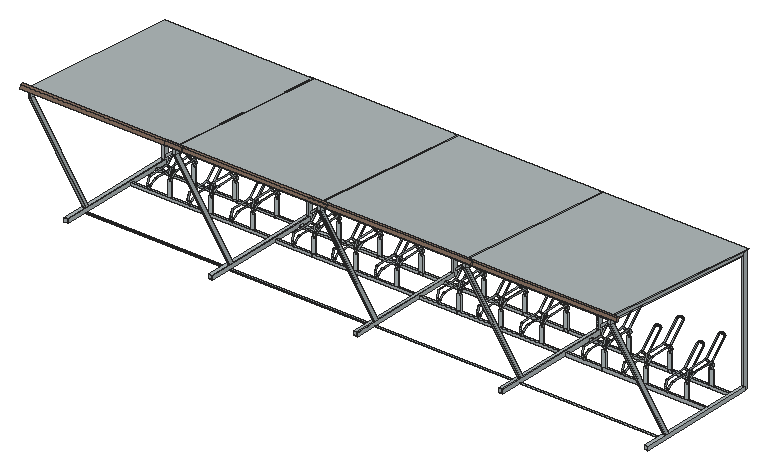
Revit family "Borås 24 Places", category Furniture, Revit 2020 (continued)
Forms (mm)
  Extrusion 134, solid, material "Hags - Steel - Galvanized" <- "Construction material"
    sketch origin (-6910.99, 2579.408, 0) x (0, 1, 0) y (0, 0, 1)
      loop
        line (-2462.806, 1904.911) -> (-2512.806, 1904.911) -> (-2512.806, 1804.027) -> (-2462.806, 1804.027) -> (-2462.806, 1904.911)
    from 0 to 35
  Extrusion 135, solid, material "Hags - Steel - Galvanized" <- "Construction material"
    sketch origin (-6910.99, 2579.408, 0) x (0, 1, 0) y (0, 0, 1)
      loop
        line (-2462.806, 1804.027) -> (-2512.806, 1804.027) -> (-1580.173, 50) -> (-1530.173, 50) -> (-1534.159, 57.495) -> (-2462.806, 1804.027)
    from 0 to 32
  Extrusion 136, solid, material "Hags - Steel - Galvanized" <- "Construction material"
    sketch origin (-6926.615, 2579.408, 0) x (0, 1, 0) y (0, 0, 1)
      loop
        line (-234.965, 50) -> (-1884.965, 50) -> (-1884.965, 0) -> (-234.965, 0) -> (-234.965, 50)
    from 0 to 43.755
  Extrusion 137, solid, material "Hags - Steel - Galvanized" <- "Construction material"
    sketch origin (-6926.615, 2384.408, 0) x (1, 0, 0) y (0, 0, 1)
      loop
        line (1995.745, 1698.705) -> (48.562, 1698.705) -> (48.562, 1664.079) -> (1995.745, 1664.079) -> (1995.745, 1698.705)
    from 0 to 32
  Extrusion 138, solid, material "Hags - Steel - Galvanized" <- "Construction material"
    sketch origin (-6924.433, 109.408, 195.46) x (1, 0, 0) y (0, 0, 1)
      loop
        line (1995.745, 1698.705) -> (48.562, 1698.705) -> (48.562, 1664.079) -> (1995.745, 1664.079) -> (1995.745, 1698.705)
    from 0 to 38
  Extrusion 139, solid, material "Hags - Steel - Galvanized" <- "Construction material"
    sketch origin (-6926.615, 2384.408, 0) x (1, 0, 0) y (0, 0, 1)
      loop
        line (48.25, 73.319) -> (1994.904, 1618.13) -> (1994.904, 1650.001) -> (48.25, 103.265) -> (48.25, 73.319)
    from 0 to 32
  Extrusion 140, solid, material "Hags - Steel - Galvanized" <- "Construction material"
    sketch origin (-6926.615, 2579.408, 0) x (1, 0, 0) y (0, 1, 0)
      loop
        line (567.382, -415.587) -> (568.066, -416.141) -> (595.442, -389.704) -> (622.846, -415.88) -> (623.948, -415.585) -> (595.666, -387.302) -> (567.382, -415.587)
    from 0 to 245
  Extrusion 141, solid, material "Hags - Steel - Galvanized" <- "Construction material"
    sketch origin (-6363.802, 2579.408, 0) x (1, 0, 0) y (0, 1, 0)
      loop
        line (567.382, -415.587) -> (568.066, -416.141) -> (595.442, -389.704) -> (622.846, -415.88) -> (623.948, -415.585) -> (595.666, -387.302) -> (567.382, -415.587)
    from 0 to 245
  Extrusion 142, solid, material "Hags - Steel - Galvanized" <- "Construction material"
    sketch origin (-5797.986, 2579.408, 0) x (1, 0, 0) y (0, 1, 0)
      loop
        line (567.382, -415.587) -> (568.066, -416.141) -> (595.442, -389.704) -> (622.846, -415.88) -> (623.948, -415.585) -> (595.666, -387.302) -> (567.382, -415.587)
    from 0 to 245
  Extrusion 143, solid, material "Hags - Steel - Galvanized" <- "Construction material"
    sketch origin (-6926.615, 2578.158, 0) x (1, 0, 0) y (0, 1, 0)
      loop
        line (48.562, -384.793) -> (48.562, -416.074) -> (1993.755, -416.074) -> (1993.755, -384.793) -> (48.562, -384.793)
    from 0 to 30
  Extrusion 144, solid, material "Hags - Steel - Galvanized" <- "Construction material"
    sketch origin (-6926.615, 2579.408, 0) x (1, 0, 0) y (0, 1, 0)
      loop
        line (46.821, -836.074) -> (1993.755, -836.074) -> (1993.755, -806.074) -> (46.821, -806.074) -> (46.821, -836.074)
    from 0 to 40
  Extrusion 145, solid, material "Hags - Steel - Galvanized" <- "Construction material"
    sketch origin (-6931.808, 1805.033, 2.5) x (1, 0, 0) y (0, 1, 0)
      loop
        line (48.948, -836.074) -> (1998.948, -836.074) -> (1998.948, -806.074) -> (48.948, -806.074) -> (48.948, -836.074)
    from 0 to 6
  Sweep 146, solid, material "Hags - Steel - Galvanized" <- "Body material"
    path origin (-6290.31, 2583.549, -230.474) x (0, 1, 0) y (-0.309017, 0, 0.951057)
      loop
        line (-820.886, 0) -> (-820.886, 55.905) -> (-820.886, 59.124) -> (-819.965, 62.137) -> (-770.078, 125.99) -> (-766.002, 127.89) -> (-465.186, 127.89) -> (-461.094, 126.401) -> (-410.881, 58.199) -> (-410.115, 55.342) -> (-410.115, 0)
    profile origin (-6298.947, 1762.663, -203.89) x (0, -1, 0) y (0.951057, 0, 0.309017)
      loop
        circle (0, 840.487) r 6.5
  Sweep 147, solid, material "Hags - Steel - Galvanized" <- "Body material"
    path origin (-4681.413, 2583.549, -216.428) x (0, 1, 0) y (-0.292373, 0, -0.956304)
      loop
        line (-820.886, 0) -> (-820.886, -55.905) -> (-820.886, -59.124) -> (-819.965, -62.137) -> (-770.078, -125.99) -> (-766.002, -127.89) -> (-465.186, -127.89) -> (-461.094, -126.401) -> (-410.881, -58.199) -> (-410.115, -55.342) -> (-410.115, 0)
    profile origin (-4673.241, 1762.663, -189.697) x (0, 1, 0) y (-0.956304, 0, 0.292373)
      loop
        circle (0, 840.487) r 6.5
  Sweep 148, solid, material "Hags - Steel - Galvanized" <- "Body material"
    path origin (-6370.487, 2090.782, 123.616) x (1, 0, 0) y (0, 0.707107, 0.707107)
      loop
        line (839.702, 42.921) -> (839.702, 340.837) -> (840.265, 347.267) -> (843.228, 353.621) -> (847.934, 360.598) -> (855.705, 366.891) -> (865.691, 370.724) -> (877.383, 372.786) -> (881.238, 372.786) -> (892.864, 371.768) -> (903.629, 368.682) -> (914.205, 361.548) -> (920.498, 353.776) -> (923.074, 342.622) -> (923.074, 42.921)
    profile origin (-5530.785, 2226.462, 259.295) x (-1, 0, 0) y (0, -0.707107, 0.707107)
      loop
        circle (0, 0) r 6.547
  Sweep 149, solid, material "Hags - Steel - Galvanized" <- "Body material"
    path origin (-6875.31, 2583.549, -230.474) x (0, 1, 0) y (-0.309017, 0, 0.951057)
      loop
        line (-820.886, 0) -> (-820.886, 55.905) -> (-820.886, 59.124) -> (-819.965, 62.137) -> (-770.078, 125.99) -> (-766.002, 127.89) -> (-465.186, 127.89) -> (-461.094, 126.401) -> (-410.881, 58.199) -> (-410.115, 55.342) -> (-410.115, 0)
    profile origin (-6883.947, 1762.663, -203.89) x (0, -1, 0) y (0.951057, 0, 0.309017)
      loop
        circle (0, 840.487) r 6.5
  Sweep 150, solid, material "Hags - Steel - Galvanized" <- "Body material"
    path origin (-5266.413, 2583.549, -216.428) x (0, 1, 0) y (-0.292373, 0, -0.956304)
      loop
        line (-820.886, 0) -> (-820.886, -55.905) -> (-820.886, -59.124) -> (-819.965, -62.137) -> (-770.078, -125.99) -> (-766.002, -127.89) -> (-465.186, -127.89) -> (-461.094, -126.401) -> (-410.881, -58.199) -> (-410.115, -55.342) -> (-410.115, 0)
    profile origin (-5258.241, 1762.663, -189.697) x (0, 1, 0) y (-0.956304, 0, 0.292373)
      loop
        circle (0, 840.487) r 6.5
  Sweep 151, solid, material "Hags - Steel - Galvanized" <- "Body material"
    path origin (-6955.487, 2090.782, 123.616) x (1, 0, 0) y (0, 0.707107, 0.707107)
      loop
        line (839.702, 42.921) -> (839.702, 340.837) -> (840.265, 347.267) -> (843.228, 353.621) -> (847.934, 360.598) -> (855.705, 366.891) -> (865.691, 370.724) -> (877.383, 372.786) -> (881.238, 372.786) -> (892.864, 371.768) -> (903.629, 368.682) -> (914.205, 361.548) -> (920.498, 353.776) -> (923.074, 342.622) -> (923.074, 42.921)
    profile origin (-6115.785, 2226.462, 259.295) x (-1, 0, 0) y (0, -0.707107, 0.707107)
      loop
        circle (0, 0) r 6.547
  Sweep 152, solid, material "Hags - Steel - Galvanized" <- "Body material"
    path origin (-7425.31, 2583.549, -230.474) x (0, 1, 0) y (-0.309017, 0, 0.951057)
      loop
        line (-820.886, 0) -> (-820.886, 55.905) -> (-820.886, 59.124) -> (-819.965, 62.137) -> (-770.078, 125.99) -> (-766.002, 127.89) -> (-465.186, 127.89) -> (-461.094, 126.401) -> (-410.881, 58.199) -> (-410.115, 55.342) -> (-410.115, 0)
    profile origin (-7433.947, 1762.663, -203.89) x (0, -1, 0) y (0.951057, 0, 0.309017)
      loop
        circle (0, 840.487) r 6.5
  Sweep 153, solid, material "Hags - Steel - Galvanized" <- "Body material"
    path origin (-5816.413, 2583.549, -216.428) x (0, 1, 0) y (-0.292373, 0, -0.956304)
      loop
        line (-820.886, 0) -> (-820.886, -55.905) -> (-820.886, -59.124) -> (-819.965, -62.137) -> (-770.078, -125.99) -> (-766.002, -127.89) -> (-465.186, -127.89) -> (-461.094, -126.401) -> (-410.881, -58.199) -> (-410.115, -55.342) -> (-410.115, 0)
    profile origin (-5808.241, 1762.663, -189.697) x (0, 1, 0) y (-0.956304, 0, 0.292373)
      loop
        circle (0, 840.487) r 6.5
  Sweep 154, solid, material "Hags - Steel - Galvanized" <- "Body material"
    path origin (-7505.487, 2090.782, 123.616) x (1, 0, 0) y (0, 0.707107, 0.707107)
      loop
        line (839.702, 42.921) -> (839.702, 340.837) -> (840.265, 347.267) -> (843.228, 353.621) -> (847.934, 360.598) -> (855.705, 366.891) -> (865.691, 370.724) -> (877.383, 372.786) -> (881.238, 372.786) -> (892.864, 371.768) -> (903.629, 368.682) -> (914.205, 361.548) -> (920.498, 353.776) -> (923.074, 342.622) -> (923.074, 42.921)
    profile origin (-6665.785, 2226.462, 259.295) x (-1, 0, 0) y (0, -0.707107, 0.707107)
      loop
        circle (0, 0) r 6.547
  Sweep 155, solid, material "Hags - Steel - Galvanized" <- "Body material"
    path origin (-6002.66, 2583.549, -20.216) x (0, 1, 0) y (-0.309017, 0, 0.951057)
      loop
        line (-820.886, 0) -> (-820.886, 55.905) -> (-820.886, 59.124) -> (-819.965, 62.137) -> (-770.078, 125.99) -> (-766.002, 127.89) -> (-465.186, 127.89) -> (-461.094, 126.401) -> (-410.881, 58.199) -> (-410.115, 55.342) -> (-410.115, 0)
    profile origin (-6011.298, 1762.663, 6.368) x (0, -1, 0) y (0.951057, 0, 0.309017)
      loop
        circle (0, 840.487) r 6.5
  Sweep 156, solid, material "Hags - Steel - Galvanized" <- "Body material"
    path origin (-4393.764, 2583.549, -6.17) x (0, 1, 0) y (-0.292373, 0, -0.956304)
      loop
        line (-820.886, 0) -> (-820.886, -55.905) -> (-820.886, -59.124) -> (-819.965, -62.137) -> (-770.078, -125.99) -> (-766.002, -127.89) -> (-465.186, -127.89) -> (-461.094, -126.401) -> (-410.881, -58.199) -> (-410.115, -55.342) -> (-410.115, 0)
    profile origin (-4385.591, 1762.663, 20.561) x (0, 1, 0) y (-0.956304, 0, 0.292373)
      loop
        circle (0, 840.487) r 6.5
  Sweep 157, solid, material "Hags - Steel - Galvanized" <- "Body material"
    path origin (-6082.838, 2090.782, 333.874) x (1, 0, 0) y (0, 0.707107, 0.707107)
      loop
        line (839.702, 42.921) -> (839.702, 340.837) -> (840.265, 347.267) -> (843.228, 353.621) -> (847.934, 360.598) -> (855.705, 366.891) -> (865.691, 370.724) -> (877.383, 372.786) -> (881.238, 372.786) -> (892.864, 371.768) -> (903.629, 368.682) -> (914.205, 361.548) -> (920.498, 353.776) -> (923.074, 342.622) -> (923.074, 42.921)
    profile origin (-5243.136, 2226.462, 469.553) x (-1, 0, 0) y (0, -0.707107, 0.707107)
      loop
        circle (0, 0) r 6.547
  Extrusion 158, solid, material "Hags - Steel - Galvanized" <- "Construction material"
    sketch origin (-5797.986, 2165.658, 0) x (1, 0, 0) y (0, 1, 0)
      loop
        line (567.382, -415.587) -> (568.066, -416.141) -> (595.442, -389.704) -> (622.846, -415.88) -> (623.948, -415.585) -> (595.666, -387.302) -> (567.382, -415.587)
    from 0 to 245
  Sweep 159, solid, material "Hags - Steel - Galvanized" <- "Body material"
    path origin (-6567.66, 2583.549, -20.216) x (0, 1, 0) y (-0.309017, 0, 0.951057)
      loop
        line (-820.886, 0) -> (-820.886, 55.905) -> (-820.886, 59.124) -> (-819.965, 62.137) -> (-770.078, 125.99) -> (-766.002, 127.89) -> (-465.186, 127.89) -> (-461.094, 126.401) -> (-410.881, 58.199) -> (-410.115, 55.342) -> (-410.115, 0)
    profile origin (-6576.298, 1762.663, 6.368) x (0, -1, 0) y (0.951057, 0, 0.309017)
      loop
        circle (0, 840.487) r 6.5
  Sweep 160, solid, material "Hags - Steel - Galvanized" <- "Body material"
    path origin (-4958.764, 2583.549, -6.17) x (0, 1, 0) y (-0.292373, 0, -0.956304)
      loop
        line (-820.886, 0) -> (-820.886, -55.905) -> (-820.886, -59.124) -> (-819.965, -62.137) -> (-770.078, -125.99) -> (-766.002, -127.89) -> (-465.186, -127.89) -> (-461.094, -126.401) -> (-410.881, -58.199) -> (-410.115, -55.342) -> (-410.115, 0)
    profile origin (-4950.591, 1762.663, 20.561) x (0, 1, 0) y (-0.956304, 0, 0.292373)
      loop
        circle (0, 840.487) r 6.5
  Sweep 161, solid, material "Hags - Steel - Galvanized" <- "Body material"
    path origin (-6647.838, 2090.782, 333.874) x (1, 0, 0) y (0, 0.707107, 0.707107)
      loop
        line (839.702, 42.921) -> (839.702, 340.837) -> (840.265, 347.267) -> (843.228, 353.621) -> (847.934, 360.598) -> (855.705, 366.891) -> (865.691, 370.724) -> (877.383, 372.786) -> (881.238, 372.786) -> (892.864, 371.768) -> (903.629, 368.682) -> (914.205, 361.548) -> (920.498, 353.776) -> (923.074, 342.622) -> (923.074, 42.921)
    profile origin (-5808.136, 2226.462, 469.553) x (-1, 0, 0) y (0, -0.707107, 0.707107)
      loop
        circle (0, 0) r 6.547
  Extrusion 162, solid, material "Hags - Steel - Galvanized" <- "Construction material"
    sketch origin (-6362.986, 2165.658, 0) x (1, 0, 0) y (0, 1, 0)
      loop
        line (567.382, -415.587) -> (568.066, -416.141) -> (595.442, -389.704) -> (622.846, -415.88) -> (623.948, -415.585) -> (595.666, -387.302) -> (567.382, -415.587)
    from 0 to 245
  Sweep 163, solid, material "Hags - Steel - Galvanized" <- "Body material"
    path origin (-7131.41, 2583.549, -20.216) x (0, 1, 0) y (-0.309017, 0, 0.951057)
      loop
        line (-820.886, 0) -> (-820.886, 55.905) -> (-820.886, 59.124) -> (-819.965, 62.137) -> (-770.078, 125.99) -> (-766.002, 127.89) -> (-465.186, 127.89) -> (-461.094, 126.401) -> (-410.881, 58.199) -> (-410.115, 55.342) -> (-410.115, 0)
    profile origin (-7140.048, 1762.663, 6.368) x (0, -1, 0) y (0.951057, 0, 0.309017)
      loop
        circle (0, 840.487) r 6.5
  Sweep 164, solid, material "Hags - Steel - Galvanized" <- "Body material"
    path origin (-5522.514, 2583.549, -6.17) x (0, 1, 0) y (-0.292373, 0, -0.956304)
      loop
        line (-820.886, 0) -> (-820.886, -55.905) -> (-820.886, -59.124) -> (-819.965, -62.137) -> (-770.078, -125.99) -> (-766.002, -127.89) -> (-465.186, -127.89) -> (-461.094, -126.401) -> (-410.881, -58.199) -> (-410.115, -55.342) -> (-410.115, 0)
    profile origin (-5514.341, 1762.663, 20.561) x (0, 1, 0) y (-0.956304, 0, 0.292373)
      loop
        circle (0, 840.487) r 6.5
  Sweep 165, solid, material "Hags - Steel - Galvanized" <- "Body material"
    path origin (-7211.588, 2090.782, 333.874) x (1, 0, 0) y (0, 0.707107, 0.707107)
      loop
        line (839.702, 42.921) -> (839.702, 340.837) -> (840.265, 347.267) -> (843.228, 353.621) -> (847.934, 360.598) -> (855.705, 366.891) -> (865.691, 370.724) -> (877.383, 372.786) -> (881.238, 372.786) -> (892.864, 371.768) -> (903.629, 368.682) -> (914.205, 361.548) -> (920.498, 353.776) -> (923.074, 342.622) -> (923.074, 42.921)
    profile origin (-6371.886, 2226.462, 469.553) x (-1, 0, 0) y (0, -0.707107, 0.707107)
      loop
        circle (0, 0) r 6.547
  Extrusion 166, solid, material "Hags - Steel - Galvanized" <- "Construction material"
    sketch origin (-6926.736, 2165.658, 0) x (1, 0, 0) y (0, 1, 0)
      loop
        line (567.382, -415.587) -> (568.066, -416.141) -> (595.442, -389.704) -> (622.846, -415.88) -> (623.948, -415.585) -> (595.666, -387.302) -> (567.382, -415.587)
    from 0 to 245
  Extrusion 167, solid, material "Hags - Wood - Bark brown"
    sketch origin (-7001.207, 2592.308, -25) x (0, 1, 0) y (0, 0, 1)
      loop
        line (-2549.63, 1911.391) -> (-2527.825, 1909.1) -> (-2525.404, 1932.128) -> (-2502.617, 1929.733) -> (-2500.3, 1951.774) -> (-2544.893, 1956.461) -> (-2549.63, 1911.391)
    from -1.351 to 2200
  Extrusion 168, solid, material "Hags - Steel - Galvanized" <- "Body material"
    sketch origin (-2246.832, -1732.992, 2066.313) x (1, 0, 0) y (0, 0.996302, -0.085916)
      loop
        line (-4664.158, 1835.544) -> (-2639.158, 1835.544) -> (-2639.158, 4145.544) -> (-4664.158, 4145.544) -> (-4664.158, 1835.544)
    from 0 to 8
  Extrusion 169, solid, material "Hags - Steel - Galvanized" <- "Construction material"
    sketch origin (-6911.302, 2579.408, 0) x (0, 1, 0) y (0, 0, 1)
      loop
        line (-184.965, 0) -> (-184.965, 1710) -> (-234.965, 1710) -> (-234.965, 0) -> (-184.965, 0)
    from 0 to 32
  Extrusion 170, solid, material "Hags - Steel - Galvanized" <- "Construction material"
    sketch origin (-6911.302, 2579.408, 0) x (0, 1, 0) y (0, 0, 1)
      loop
        line (-234.965, 1660) -> (-234.965, 1710) -> (-2462.806, 1904.911) -> (-2462.806, 1854.911) -> (-234.965, 1660)
    from 0 to 32
  Extrusion 171, solid, material "Hags - Steel - Galvanized" <- "Construction material"
    sketch origin (-6911.615, 2579.408, 0) x (0, 1, 0) y (0, 0, 1)
      loop
        line (-2462.806, 1904.911) -> (-2512.806, 1904.911) -> (-2512.806, 1804.027) -> (-2462.806, 1804.027) -> (-2462.806, 1904.911)
    from 0 to 35
  Extrusion 172, solid, material "Hags - Steel - Galvanized" <- "Construction material"
    sketch origin (-6910.99, 2579.408, 0) x (0, 1, 0) y (0, 0, 1)
      loop
        line (-2462.806, 1804.027) -> (-2512.806, 1804.027) -> (-1580.173, 50) -> (-1530.173, 50) -> (-1534.159, 57.495) -> (-2462.806, 1804.027)
    from 0 to 32
  Extrusion 173, solid, material "Hags - Steel - Galvanized" <- "Construction material"
    sketch origin (-6909.933, 2579.408, 0) x (0, 1, 0) y (0, 0, 1)
      loop
        line (-234.965, 50) -> (-1884.965, 50) -> (-1884.965, 0) -> (-234.965, 0) -> (-234.965, 50)
    from 0 to 43.755
Dimensions and locks
  aligned and locked: level to plane 2
